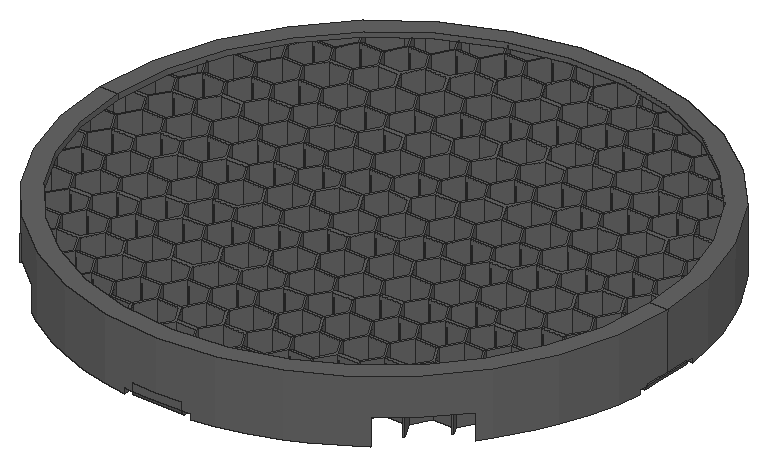
Revit family "STH20931", category Modelos genéricos, Revit 2023
Family settings
  Pode hospedar o vergalhão = Não
  Cota do conector redondo = Utilizar diâmetro
  Tipo de parte = Normal
  Com base no plano de trabalho = Não
  Sempre na vertical = Sim
  Corte com vazios quando carregada = Não
  Manter orientação da anotação = Não
  Compartilhado = Não
  Ponto de cálculo do ambiente = Não
Parameters (values of type "STH20931")
  URL = "https://stella.com.br/"
  Referência = "STH20931"
  Modelo = "Kit Grade"
  Fabricante = "Stella"
  Estrutura = Al - Preto
  Elevação padrão = 0.00 m
  Diâmetro = 0.069 m
  Comentários de tipos = "Para Square AR70"
  Altura = 0.0075 m
Reference planes (m)
  plane 1 "Centro (Frente/Trás)": y = 0
  plane 2: z = 0
  plane 3 "Centro (Esquerda/Direita)": x = 0
  plane 4: x = 0.0345
  plane 5: x = -0.0345
  plane 6: y = 0.0345
  plane 7: y = -0.0345
  plane 8: z = 0.0075
Forms (m)
  Revolve 1, solid, material "Al - Preto" <- "Estrutura"
    sketch origin (0, 0, 0) x (1, 0, 0) y (0, 0, 1)
      loop
        line (-0.0345, 0) -> (-0.0323, 0) -> (-0.0323, 0.00755) -> (-0.0345, 0.00755) -> (-0.0345, 0)
      axis (0, 0.00755) -> (0, 0)
    angle from 0 to 360
  Revolve 2, void
    sketch origin (0, 0, 0) x (1, 0, 0) y (0, 0, 1)
      loop
        line (-0.0339, 0) -> (-0.032072, 0) -> (-0.032072, 0.00695) -> (-0.0339, 0.00695) -> (-0.0339, 0)
      axis (0, 0.00695) -> (0, 0)
    angle from 0 to 360
  Extrusion 3, void
    sketch origin (-0.120822, 0, 0) x (1, 0, 0) y (0, 1, 0)
      loop
        line (0.116822, 0.036677) -> (0.116822, -0.036677) -> (0.124822, -0.036677) -> (0.124822, 0.036677) -> (0.116822, 0.036677)
    from 0 to 0.0006
  Extrusion 4, void
    sketch origin (0, 0.120822, 0) x (0, -1, 0) y (1, 0, 0)
      loop
        line (0.116822, 0.036677) -> (0.116822, -0.036677) -> (0.124822, -0.036677) -> (0.124822, 0.036677) -> (0.116822, 0.036677)
    from 0 to 0.0006
  Extrusion 5, void
    sketch origin (0, 0, 0) x (1, 0, 0) y (0, 1, 0)
      loop
        arc (0.030861, 0.001814) -> (0.031074, 0.002638) -> (0.031844, 0.003) r 0.001
        line (0.031844, 0.003) -> (0.0353, 0.003) -> (0.0353, 0.0353) -> (0.003, 0.0353) -> (0.003, 0.031844)
        arc (0.003, 0.031844) -> (0.002638, 0.031074) -> (0.001814, 0.030861) r 0.001
        arc (0.001814, 0.030861) -> (0, 0.030914) -> (-0.001814, 0.030861) r 0.031183
        arc (-0.001814, 0.030861) -> (-0.002638, 0.031074) -> (-0.003, 0.031844) r 0.001
        line (-0.003, 0.031844) -> (-0.003, 0.0353) -> (-0.0353, 0.0353) -> (-0.0353, 0.003) -> (-0.031844, 0.003)
        arc (-0.031844, 0.003) -> (-0.031074, 0.002638) -> (-0.030861, 0.001814) r 0.001
        arc (-0.030861, 0.001814) -> (-0.030914, 0) -> (-0.030861, -0.001814) r 0.031183
        arc (-0.030861, -0.001814) -> (-0.031074, -0.002638) -> (-0.031844, -0.003) r 0.001
        line (-0.031844, -0.003) -> (-0.0353, -0.003) -> (-0.0353, -0.0353) -> (-0.003, -0.0353) -> (-0.003, -0.031844)
        arc (-0.003, -0.031844) -> (-0.002638, -0.031074) -> (-0.001814, -0.030861) r 0.001
        arc (-0.001814, -0.030861) -> (0, -0.030914) -> (0.001814, -0.030861) r 0.031183
        arc (0.001814, -0.030861) -> (0.002638, -0.031074) -> (0.003, -0.031844) r 0.001
        line (0.003, -0.031844) -> (0.003, -0.0353) -> (0.0353, -0.0353) -> (0.0353, -0.003) -> (0.031844, -0.003)
        arc (0.031844, -0.003) -> (0.031074, -0.002638) -> (0.030861, -0.001814) r 0.001
        arc (0.030861, -0.001814) -> (0.030914, 0) -> (0.030861, 0.001814) r 0.031183
    from -0.000357 to 0.003196
  Revolve 6, void
    sketch origin (0, 0, 0) x (1, 0, 0) y (0, 0, 1)
      loop
        line (-0.035051, 0.000802) -> (-0.030281, 0.000802) -> (-0.030281, 0.002495) -> (-0.035051, 0.002495) -> (-0.035051, 0.000802)
      axis (0, 0.002495) -> (0, 0.000802)
    angle from 0 to 360
  Revolve 7, solid, material "Al - Preto" <- "Estrutura"
    sketch origin (0, 0, 0) x (-1, 0, 0) y (0, 0, -1)
      loop
        line (-0.030484, 0) -> (-0.0339, 0)
        arc (-0.0339, 0) -> (-0.034324, -0.000176) -> (-0.0345, -0.0006) r 0.0006
        line (-0.0345, -0.0006) -> (-0.0345, -0.001602) -> (-0.0337, -0.001602) -> (-0.0337, -0.000802) -> (-0.030484, -0.000802) -> (-0.030484, 0)
      axis (0, -0.001602) -> (0, 0)
    angle from -6.45 to 6.446
  Extrusion 8, solid, material "Al - Preto" <- "Estrutura"
    sketch origin (0, 0, 0) x (1, 0, 0) y (0, 1, 0)
      loop
        line (-0.0345, 0.0345) -> (-0.0345, -0.0345) -> (0.0345, -0.0345) -> (0.0345, 0.0345) -> (-0.0345, 0.0345)
    from 0.0006 to 0.00695
  Revolve 9, void
    sketch origin (0, 0, 0) x (1, 0, 0) y (0, 0, 1)
      loop
        line (0.029859, 0.0006) -> (0.0339, 0.0006) -> (0.0339, 0.002123) -> (0.029859, 0.002123) -> (0.029859, 0.0006)
      axis (0, 0.002123) -> (0, 0.0006)
    angle from 0 to 360
  Revolve 10, solid, material "Al - Preto" <- "Estrutura"
    sketch origin (0, 0, 0) x (1, 0, 0) y (0, 0, 1)
      loop
        line (-0.030484, 0) -> (-0.030484, 0.000802) -> (-0.0337, 0.000802) -> (-0.0337, 0.001602) -> (-0.0345, 0.001602) -> (-0.0345, 0.0006)
        arc (-0.0345, 0.0006) -> (-0.034324, 0.000176) -> (-0.0339, 0) r 0.0006
        line (-0.0339, 0) -> (-0.030484, 0)
      axis (0, 0.001602) -> (0, 0)
    angle from -6.45 to 6.446
  Revolve 11, solid, material "Al - Preto" <- "Estrutura"
    sketch origin (0, 0, 0) x (0, -1, 0) y (0, 0, 1)
      loop
        line (-0.030484, 0) -> (-0.030484, 0.000802) -> (-0.0337, 0.000802) -> (-0.0337, 0.001602) -> (-0.0345, 0.001602) -> (-0.0345, 0.0006)
        arc (-0.0345, 0.0006) -> (-0.034324, 0.000176) -> (-0.0339, 0) r 0.0006
        line (-0.0339, 0) -> (-0.030484, 0)
      axis (0, 0.001602) -> (0, 0)
    angle from -6.45 to 6.446
  Revolve 12, solid, material "Al - Preto" <- "Estrutura"
    sketch origin (0, 0, 0) x (0, 1, 0) y (0, 0, -1)
      loop
        line (-0.030484, 0) -> (-0.0339, 0)
        arc (-0.0339, 0) -> (-0.034324, -0.000176) -> (-0.0345, -0.0006) r 0.0006
        line (-0.0345, -0.0006) -> (-0.0345, -0.001602) -> (-0.0337, -0.001602) -> (-0.0337, -0.000802) -> (-0.030484, -0.000802) -> (-0.030484, 0)
      axis (0, -0.001602) -> (0, 0)
    angle from -6.45 to 6.446
  Extrusion 13, void
    sketch origin (-0.080372, -0.084832, 0) x (0.707107, 0.707107, 0) y (-0.707107, 0.707107, 0)
      loop
        line (0.121822, 0.038881) -> (0.111822, 0.038881) -> (0.111822, -0.032619) -> (0.121822, -0.032619) -> (0.121822, 0.038881)
    from 0 to 0.00305
  Extrusion 14, void
    sketch origin (0.080372, -0.084832, 0) x (-0.707107, 0.707107, 0) y (-0.707107, -0.707107, 0)
      loop
        line (0.121822, -0.038881) -> (0.121822, 0.032619) -> (0.111822, 0.032619) -> (0.111822, -0.038881) -> (0.121822, -0.038881)
    from 0 to 0.00305
  Extrusion 15, void
    sketch origin (0, 0, 0) x (1, 0, 0) y (0, 1, 0)
      loop
        circle (0, 0) r 0.033708
      loop
        line (-0.0355, -0.0355) -> (0.0355, -0.0355) -> (0.0355, 0.0355) -> (-0.0355, 0.0355) -> (-0.0355, -0.0355)
    from 0.0006 to 0.00695
  Extrusion 16, void
    sketch origin (0, 0, 0) x (1, 0, 0) y (0, 1, 0)
      loop
        line (-0.001241, 0.00215) -> (-0.002483, 0) -> (-0.001241, -0.00215) -> (0.001241, -0.00215) -> (0.002483, 0) -> (0.001241, 0.00215) -> (-0.001241, 0.00215)
      loop
        line (-0.001386, 0.0023) -> (-0.002627, 0.00445) -> (-0.005346, 0.00445) -> (-0.006588, 0.0023) -> (-0.005346, 0.00015) -> (-0.002627, 0.00015) -> (-0.001386, 0.0023)
      loop
        line (-0.001241, 0.00675) -> (-0.002483, 0.0046) -> (-0.001241, 0.00245) -> (0.001241, 0.00245) -> (0.002483, 0.0046) -> (0.001241, 0.00675) -> (-0.001241, 0.00675)
      loop
        line (-0.009215, 0.00215) -> (-0.010456, 0) -> (-0.009215, -0.00215) -> (-0.006732, -0.00215) -> (-0.005491, 0) -> (-0.006732, 0.00215) -> (-0.009215, 0.00215)
      loop
        line (-0.009359, 0.0023) -> (-0.0106, 0.00445) -> (-0.013325, 0.00445) -> (-0.014567, 0.0023) -> (-0.013325, 0.00015) -> (-0.0106, 0.00015) -> (-0.009359, 0.0023)
      loop
        line (-0.009215, 0.00675) -> (-0.010456, 0.0046) -> (-0.009215, 0.00245) -> (-0.006732, 0.00245) -> (-0.005491, 0.0046) -> (-0.006732, 0.00675) -> (-0.009215, 0.00675)
      loop
        line (-0.009359, -0.0023) -> (-0.0106, -0.00015) -> (-0.013325, -0.00015) -> (-0.014567, -0.0023) -> (-0.013325, -0.00445) -> (-0.0106, -0.00445) -> (-0.009359, -0.0023)
      loop
        line (-0.009359, -0.0069) -> (-0.0106, -0.00475) -> (-0.013325, -0.00475) -> (-0.014567, -0.0069) -> (-0.013325, -0.00905) -> (-0.0106, -0.00905) -> (-0.009359, -0.0069)
      loop
        line (-0.009359, 0.0069) -> (-0.0106, 0.00905) -> (-0.013325, 0.00905) -> (-0.014567, 0.0069) -> (-0.013325, 0.00475) -> (-0.0106, 0.00475) -> (-0.009359, 0.0069)
      loop
        line (-0.009215, -0.00245) -> (-0.010456, -0.0046) -> (-0.009215, -0.00675) -> (-0.006732, -0.00675) -> (-0.005491, -0.0046) -> (-0.006732, -0.00245) -> (-0.009215, -0.00245)
      loop
        line (-0.009215, -0.00705) -> (-0.010456, -0.0092) -> (-0.009215, -0.01135) -> (-0.006732, -0.01135) -> (-0.005491, -0.0092) -> (-0.006732, -0.00705) -> (-0.009215, -0.00705)
      loop
        line (-0.006588, -0.0023) -> (-0.005346, -0.00445) -> (-0.002621, -0.00445) -> (-0.00138, -0.0023) -> (-0.002621, -0.00015) -> (-0.005346, -0.00015) -> (-0.006588, -0.0023)
      loop
        line (-0.006588, -0.0069) -> (-0.005346, -0.00905) -> (-0.002621, -0.00905) -> (-0.00138, -0.0069) -> (-0.002621, -0.00475) -> (-0.005346, -0.00475) -> (-0.006588, -0.0069)
      loop
        line (-0.00659, 0.006895) -> (-0.005352, 0.00475) -> (-0.002621, 0.00475) -> (-0.00138, 0.0069) -> (-0.002621, 0.00905) -> (-0.005346, 0.00905) -> (-0.00659, 0.006895)
      loop
        line (-0.006588, 0.0115) -> (-0.005346, 0.00935) -> (-0.002621, 0.00935) -> (-0.00138, 0.0115) -> (-0.002621, 0.01365) -> (-0.005346, 0.01365) -> (-0.006588, 0.0115)
      loop
        line (-0.009215, 0.00705) -> (-0.006732, 0.00705) -> (-0.005491, 0.0092) -> (-0.006732, 0.01135) -> (-0.009215, 0.01135) -> (-0.010456, 0.0092) -> (-0.009215, 0.00705)
      loop
        line (0.001386, 0.0023) -> (0.002627, 0.00015) -> (0.005346, 0.00015) -> (0.006588, 0.0023) -> (0.005346, 0.00445) -> (0.002627, 0.00445) -> (0.001386, 0.0023)
      loop
        line (0.009215, 0.00215) -> (0.006732, 0.00215) -> (0.005491, 0) -> (0.006732, -0.00215) -> (0.009215, -0.00215) -> (0.010456, 0) -> (0.009215, 0.00215)
      loop
        line (0.009359, 0.0023) -> (0.0106, 0.00015) -> (0.013325, 0.00015) -> (0.014567, 0.0023) -> (0.013325, 0.00445) -> (0.0106, 0.00445) -> (0.009359, 0.0023)
      loop
        line (0.009215, 0.00675) -> (0.006732, 0.00675) -> (0.005491, 0.0046) -> (0.006732, 0.00245) -> (0.009215, 0.00245) -> (0.010456, 0.0046) -> (0.009215, 0.00675)
      loop
        line (0.009359, -0.0023) -> (0.0106, -0.00445) -> (0.013325, -0.00445) -> (0.014567, -0.0023) -> (0.013325, -0.00015) -> (0.0106, -0.00015) -> (0.009359, -0.0023)
      loop
        line (0.009359, -0.0069) -> (0.0106, -0.00905) -> (0.013325, -0.00905) -> (0.014567, -0.0069) -> (0.013325, -0.00475) -> (0.0106, -0.00475) -> (0.009359, -0.0069)
      loop
        line (0.009359, 0.0069) -> (0.0106, 0.00475) -> (0.013325, 0.00475) -> (0.014567, 0.0069) -> (0.013325, 0.00905) -> (0.0106, 0.00905) -> (0.009359, 0.0069)
      loop
        line (0.009215, -0.00245) -> (0.006732, -0.00245) -> (0.005491, -0.0046) -> (0.006732, -0.00675) -> (0.009215, -0.00675) -> (0.010456, -0.0046) -> (0.009215, -0.00245)
      loop
        line (0.009215, -0.00705) -> (0.006732, -0.00705) -> (0.005491, -0.0092) -> (0.006732, -0.01135) -> (0.009215, -0.01135) -> (0.010456, -0.0092) -> (0.009215, -0.00705)
      loop
        line (0.006588, -0.0023) -> (0.005346, -0.00015) -> (0.002621, -0.00015) -> (0.00138, -0.0023) -> (0.002621, -0.00445) -> (0.005346, -0.00445) -> (0.006588, -0.0023)
      loop
        line (0.006588, -0.0069) -> (0.005346, -0.00475) -> (0.002621, -0.00475) -> (0.00138, -0.0069) -> (0.002621, -0.00905) -> (0.005346, -0.00905) -> (0.006588, -0.0069)
      loop
        line (0.006588, 0.0069) -> (0.005346, 0.00905) -> (0.002621, 0.00905) -> (0.00138, 0.0069) -> (0.002621, 0.00475) -> (0.005346, 0.00475) -> (0.006588, 0.0069)
      loop
        line (0.006588, 0.0115) -> (0.005346, 0.01365) -> (0.002621, 0.01365) -> (0.00138, 0.0115) -> (0.002621, 0.00935) -> (0.005346, 0.00935) -> (0.006588, 0.0115)
      loop
        line (0.009215, 0.00705) -> (0.010456, 0.0092) -> (0.009215, 0.01135) -> (0.006732, 0.01135) -> (0.005491, 0.0092) -> (0.006732, 0.00705) -> (0.009215, 0.00705)
      loop
        line (0.001247, -0.00245) -> (-0.001236, -0.00245) -> (-0.002477, -0.0046) -> (-0.001236, -0.00675) -> (0.001247, -0.00675) -> (0.002488, -0.0046) -> (0.001247, -0.00245)
      loop
        line (0.001247, -0.00705) -> (-0.001236, -0.00705) -> (-0.002477, -0.0092) -> (-0.001236, -0.01135) -> (0.001247, -0.01135) -> (0.002488, -0.0092) -> (0.001247, -0.00705)
      loop
        line (0.001247, 0.00705) -> (0.002488, 0.0092) -> (0.001247, 0.01135) -> (-0.001236, 0.01135) -> (-0.002477, 0.0092) -> (-0.001236, 0.00705) -> (0.001247, 0.00705)
      loop
        line (0.014711, 0.00705) -> (0.017193, 0.00705) -> (0.018435, 0.0092) -> (0.017193, 0.01135) -> (0.014711, 0.01135) -> (0.01347, 0.0092) -> (0.014711, 0.00705)
      loop
        line (0.014711, 0.00675) -> (0.01347, 0.0046) -> (0.014711, 0.00245) -> (0.017193, 0.00245) -> (0.018435, 0.0046) -> (0.017193, 0.00675) -> (0.014711, 0.00675)
      loop
        line (0.009359, 0.0115) -> (0.0106, 0.00935) -> (0.013325, 0.00935) -> (0.014567, 0.0115) -> (0.013325, 0.01365) -> (0.0106, 0.01365) -> (0.009359, 0.0115)
      loop
        line (-0.014711, 0.00705) -> (-0.01347, 0.0092) -> (-0.014711, 0.01135) -> (-0.017193, 0.01135) -> (-0.018435, 0.0092) -> (-0.017193, 0.00705) -> (-0.014711, 0.00705)
      loop
        line (-0.014711, 0.00675) -> (-0.017193, 0.00675) -> (-0.018435, 0.0046) -> (-0.017193, 0.00245) -> (-0.014711, 0.00245) -> (-0.01347, 0.0046) -> (-0.014711, 0.00675)
      loop
        line (-0.009359, 0.0115) -> (-0.0106, 0.01365) -> (-0.013325, 0.01365) -> (-0.014567, 0.0115) -> (-0.013325, 0.00935) -> (-0.0106, 0.00935) -> (-0.009359, 0.0115)
      loop
        line (0.014711, -0.00675) -> (0.017193, -0.00675) -> (0.018435, -0.0046) -> (0.017193, -0.00245) -> (0.014711, -0.00245) -> (0.01347, -0.0046) -> (0.014711, -0.00675)
      loop
        line (-0.014711, -0.00675) -> (-0.01347, -0.0046) -> (-0.014711, -0.00245) -> (-0.017193, -0.00245) -> (-0.018435, -0.0046) -> (-0.017193, -0.00675) -> (-0.014711, -0.00675)
      loop
        line (-0.014711, -0.00705) -> (-0.017193, -0.00705) -> (-0.018435, -0.0092) -> (-0.017193, -0.01135) -> (-0.014711, -0.01135) -> (-0.01347, -0.0092) -> (-0.014711, -0.00705)
      loop
        line (0.009359, -0.0115) -> (0.0106, -0.01365) -> (0.013325, -0.01365) -> (0.014567, -0.0115) -> (0.013325, -0.00935) -> (0.0106, -0.00935) -> (0.009359, -0.0115)
      loop
        line (-0.009359, -0.0115) -> (-0.0106, -0.00935) -> (-0.013325, -0.00935) -> (-0.014567, -0.0115) -> (-0.013325, -0.01365) -> (-0.0106, -0.01365) -> (-0.009359, -0.0115)
      loop
        line (0.009215, -0.01595) -> (0.010456, -0.0138) -> (0.009215, -0.01165) -> (0.006732, -0.01165) -> (0.005491, -0.0138) -> (0.006732, -0.01595) -> (0.009215, -0.01595)
      loop
        line (0.009215, -0.02055) -> (0.010456, -0.0184) -> (0.009215, -0.01625) -> (0.006732, -0.01625) -> (0.005491, -0.0184) -> (0.006732, -0.02055) -> (0.009215, -0.02055)
      loop
        line (0.009215, -0.02515) -> (0.010456, -0.023) -> (0.009215, -0.02085) -> (0.006732, -0.02085) -> (0.005491, -0.023) -> (0.006732, -0.02515) -> (0.009215, -0.02515)
      loop
        line (0.006588, -0.0115) -> (0.005346, -0.00935) -> (0.002621, -0.00935) -> (0.00138, -0.0115) -> (0.002621, -0.01365) -> (0.005346, -0.01365) -> (0.006588, -0.0115)
      loop
        line (0.006588, -0.0161) -> (0.005346, -0.01395) -> (0.002621, -0.01395) -> (0.00138, -0.0161) -> (0.002621, -0.01825) -> (0.005346, -0.01825) -> (0.006588, -0.0161)
      loop
        line (0.001247, -0.01165) -> (-0.001236, -0.01165) -> (-0.002477, -0.0138) -> (-0.001236, -0.01595) -> (0.001247, -0.01595) -> (0.002488, -0.0138) -> (0.001247, -0.01165)
      loop
        line (0.001247, -0.01625) -> (-0.001236, -0.01625) -> (-0.002477, -0.0184) -> (-0.001236, -0.02055) -> (0.001247, -0.02055) -> (0.002488, -0.0184) -> (0.001247, -0.01625)
      loop
        line (0.001247, -0.02085) -> (-0.001236, -0.02085) -> (-0.002477, -0.023) -> (-0.001236, -0.02515) -> (0.001247, -0.02515) -> (0.002488, -0.023) -> (0.001247, -0.02085)
      loop
        line (0.001247, -0.02545) -> (-0.001236, -0.02545) -> (-0.002477, -0.0276) -> (-0.001236, -0.02975) -> (0.001247, -0.02975) -> (0.002488, -0.0276) -> (0.001247, -0.02545)
      loop
        line (0.006588, -0.0207) -> (0.005346, -0.01855) -> (0.002621, -0.01855) -> (0.00138, -0.0207) -> (0.002621, -0.02285) -> (0.005346, -0.02285) -> (0.006588, -0.0207)
      loop
        line (0.006588, -0.0253) -> (0.005346, -0.02315) -> (0.002621, -0.02315) -> (0.00138, -0.0253) -> (0.002621, -0.02745) -> (0.005346, -0.02745) -> (0.006588, -0.0253)
      loop
        line (0.006588, -0.0299) -> (0.005346, -0.02775) -> (0.002621, -0.02775) -> (0.00138, -0.0299) -> (0.002621, -0.03205) -> (0.005346, -0.03205) -> (0.006588, -0.0299)
      loop
        line (0.009215, -0.02975) -> (0.010456, -0.0276) -> (0.009215, -0.02545) -> (0.006732, -0.02545) -> (0.005491, -0.0276) -> (0.006732, -0.02975) -> (0.009215, -0.02975)
      loop
        line (-0.006588, -0.0115) -> (-0.005346, -0.01365) -> (-0.002621, -0.01365) -> (-0.00138, -0.0115) -> (-0.002621, -0.00935) -> (-0.005346, -0.00935) -> (-0.006588, -0.0115)
      loop
        line (-0.006588, -0.0161) -> (-0.005346, -0.01825) -> (-0.002621, -0.01825) -> (-0.00138, -0.0161) -> (-0.002621, -0.01395) -> (-0.005346, -0.01395) -> (-0.006588, -0.0161)
      loop
        line (-0.006588, -0.0207) -> (-0.005346, -0.02285) -> (-0.002621, -0.02285) -> (-0.00138, -0.0207) -> (-0.002621, -0.01855) -> (-0.005346, -0.01855) -> (-0.006588, -0.0207)
      loop
        line (-0.006588, -0.0253) -> (-0.005346, -0.02745) -> (-0.002621, -0.02745) -> (-0.00138, -0.0253) -> (-0.002621, -0.02315) -> (-0.005346, -0.02315) -> (-0.006588, -0.0253)
      loop
        line (-0.006588, -0.0299) -> (-0.005346, -0.03205) -> (-0.002621, -0.03205) -> (-0.00138, -0.0299) -> (-0.002621, -0.02775) -> (-0.005346, -0.02775) -> (-0.006588, -0.0299)
      loop
        line (-0.009215, -0.01165) -> (-0.010456, -0.0138) -> (-0.009215, -0.01595) -> (-0.006732, -0.01595) -> (-0.005491, -0.0138) -> (-0.006732, -0.01165) -> (-0.009215, -0.01165)
      loop
        line (-0.009215, -0.01625) -> (-0.010456, -0.0184) -> (-0.009215, -0.02055) -> (-0.006732, -0.02055) -> (-0.005491, -0.0184) -> (-0.006732, -0.01625) -> (-0.009215, -0.01625)
      loop
        line (-0.009215, -0.02085) -> (-0.010456, -0.023) -> (-0.009215, -0.02515) -> (-0.006732, -0.02515) -> (-0.005491, -0.023) -> (-0.006732, -0.02085) -> (-0.009215, -0.02085)
      loop
        line (-0.009215, -0.02545) -> (-0.010456, -0.0276) -> (-0.009215, -0.02975) -> (-0.006732, -0.02975) -> (-0.005491, -0.0276) -> (-0.006732, -0.02545) -> (-0.009215, -0.02545)
      loop
        line (0.009359, -0.0161) -> (0.0106, -0.01825) -> (0.013325, -0.01825) -> (0.014567, -0.0161) -> (0.013325, -0.01395) -> (0.0106, -0.01395) -> (0.009359, -0.0161)
      loop
        line (0.009359, -0.0207) -> (0.0106, -0.02285) -> (0.013325, -0.02285) -> (0.014567, -0.0207) -> (0.013325, -0.01855) -> (0.0106, -0.01855) -> (0.009359, -0.0207)
      loop
        line (0.009359, -0.0253) -> (0.0106, -0.02745) -> (0.013325, -0.02745) -> (0.014567, -0.0253) -> (0.013325, -0.02315) -> (0.0106, -0.02315) -> (0.009359, -0.0253)
      loop
        line (0.014711, 0.00215) -> (0.01347, 0) -> (0.014711, -0.00215) -> (0.017193, -0.00215) -> (0.018435, 0) -> (0.017193, 0.00215) -> (0.014711, 0.00215)
      loop
        line (0.014711, -0.01135) -> (0.017193, -0.01135) -> (0.018435, -0.0092) -> (0.017193, -0.00705) -> (0.014711, -0.00705) -> (0.01347, -0.0092) -> (0.014711, -0.01135)
      loop
        line (0.014711, -0.01595) -> (0.017193, -0.01595) -> (0.018435, -0.0138) -> (0.017193, -0.01165) -> (0.014711, -0.01165) -> (0.01347, -0.0138) -> (0.014711, -0.01595)
      loop
        line (0.014711, -0.02055) -> (0.017193, -0.02055) -> (0.018435, -0.0184) -> (0.017193, -0.01625) -> (0.014711, -0.01625) -> (0.01347, -0.0184) -> (0.014711, -0.02055)
      loop
        line (0.014711, -0.02515) -> (0.017193, -0.02515) -> (0.018435, -0.023) -> (0.017193, -0.02085) -> (0.014711, -0.02085) -> (0.01347, -0.023) -> (0.014711, -0.02515)
      loop
        line (0.022546, -0.0023) -> (0.021304, -0.00015) -> (0.018579, -0.00015) -> (0.017338, -0.0023) -> (0.018579, -0.00445) -> (0.021304, -0.00445) -> (0.022546, -0.0023)
      loop
        line (0.022546, -0.0069) -> (0.021304, -0.00475) -> (0.018579, -0.00475) -> (0.017338, -0.0069) -> (0.018579, -0.00905) -> (0.021304, -0.00905) -> (0.022546, -0.0069)
      loop
        line (0.022546, -0.0115) -> (0.021304, -0.00935) -> (0.018579, -0.00935) -> (0.017338, -0.0115) -> (0.018579, -0.01365) -> (0.021304, -0.01365) -> (0.022546, -0.0115)
      loop
        line (0.022546, -0.0161) -> (0.021304, -0.01395) -> (0.018579, -0.01395) -> (0.017338, -0.0161) -> (0.018579, -0.01825) -> (0.021304, -0.01825) -> (0.022546, -0.0161)
      loop
        line (0.022546, -0.0207) -> (0.021304, -0.01855) -> (0.018579, -0.01855) -> (0.017338, -0.0207) -> (0.018579, -0.02285) -> (0.021304, -0.02285) -> (0.022546, -0.0207)
      loop
        line (0.025172, -0.00675) -> (0.026414, -0.0046) -> (0.025172, -0.00245) -> (0.02269, -0.00245) -> (0.021449, -0.0046) -> (0.02269, -0.00675) -> (0.025172, -0.00675)
      loop
        line (0.025172, 0.00215) -> (0.02269, 0.00215) -> (0.021449, 0) -> (0.02269, -0.00215) -> (0.025172, -0.00215) -> (0.026414, 0) -> (0.025172, 0.00215)
      loop
        line (0.025172, -0.01135) -> (0.026414, -0.0092) -> (0.025172, -0.00705) -> (0.02269, -0.00705) -> (0.021449, -0.0092) -> (0.02269, -0.01135) -> (0.025172, -0.01135)
      loop
        line (0.025172, -0.01595) -> (0.026414, -0.0138) -> (0.025172, -0.01165) -> (0.02269, -0.01165) -> (0.021449, -0.0138) -> (0.02269, -0.01595) -> (0.025172, -0.01595)
      loop
        line (0.025172, -0.02055) -> (0.026414, -0.0184) -> (0.025172, -0.01625) -> (0.02269, -0.01625) -> (0.021449, -0.0184) -> (0.02269, -0.02055) -> (0.025172, -0.02055)
      loop
        line (0.025172, 0.00675) -> (0.02269, 0.00675) -> (0.021449, 0.0046) -> (0.02269, 0.00245) -> (0.025172, 0.00245) -> (0.026414, 0.0046) -> (0.025172, 0.00675)
      loop
        line (0.025172, 0.01135) -> (0.02269, 0.01135) -> (0.021449, 0.0092) -> (0.02269, 0.00705) -> (0.025172, 0.00705) -> (0.026414, 0.0092) -> (0.025172, 0.01135)
      loop
        line (0.025172, 0.01595) -> (0.02269, 0.01595) -> (0.021449, 0.0138) -> (0.02269, 0.01165) -> (0.025172, 0.01165) -> (0.026414, 0.0138) -> (0.025172, 0.01595)
      loop
        line (0.025172, 0.02055) -> (0.02269, 0.02055) -> (0.021449, 0.0184) -> (0.02269, 0.01625) -> (0.025172, 0.01625) -> (0.026414, 0.0184) -> (0.025172, 0.02055)
      loop
        line (0.025317, -0.0023) -> (0.026558, -0.00445) -> (0.029283, -0.00445) -> (0.030525, -0.0023) -> (0.029283, -0.00015) -> (0.026558, -0.00015) -> (0.025317, -0.0023)
      loop
        line (0.025317, -0.0069) -> (0.026558, -0.00905) -> (0.029283, -0.00905) -> (0.030525, -0.0069) -> (0.029283, -0.00475) -> (0.026558, -0.00475) -> (0.025317, -0.0069)
      loop
        line (0.025317, -0.0115) -> (0.026558, -0.01365) -> (0.029283, -0.01365) -> (0.030525, -0.0115) -> (0.029283, -0.00935) -> (0.026558, -0.00935) -> (0.025317, -0.0115)
      loop
        line (0.025317, 0.0023) -> (0.026558, 0.00015) -> (0.029283, 0.00015) -> (0.030525, 0.0023) -> (0.029283, 0.00445) -> (0.026558, 0.00445) -> (0.025317, 0.0023)
      loop
        line (0.025317, 0.0069) -> (0.026558, 0.00475) -> (0.029283, 0.00475) -> (0.030525, 0.0069) -> (0.029283, 0.00905) -> (0.026558, 0.00905) -> (0.025317, 0.0069)
      loop
        line (0.025317, 0.0115) -> (0.026558, 0.00935) -> (0.029283, 0.00935) -> (0.030525, 0.0115) -> (0.029283, 0.01365) -> (0.026558, 0.01365) -> (0.025317, 0.0115)
      loop
        line (0.022546, 0.0023) -> (0.021304, 0.00445) -> (0.018579, 0.00445) -> (0.017338, 0.0023) -> (0.018579, 0.00015) -> (0.021304, 0.00015) -> (0.022546, 0.0023)
      loop
        line (0.022546, 0.0069) -> (0.021304, 0.00905) -> (0.018579, 0.00905) -> (0.017338, 0.0069) -> (0.018579, 0.00475) -> (0.021304, 0.00475) -> (0.022546, 0.0069)
      loop
        line (0.022546, 0.0115) -> (0.021304, 0.01365) -> (0.018579, 0.01365) -> (0.017338, 0.0115) -> (0.018579, 0.00935) -> (0.021304, 0.00935) -> (0.022546, 0.0115)
      loop
        line (0.022546, 0.0161) -> (0.021304, 0.01825) -> (0.018579, 0.01825) -> (0.017338, 0.0161) -> (0.018579, 0.01395) -> (0.021304, 0.01395) -> (0.022546, 0.0161)
      loop
        line (0.022546, 0.0207) -> (0.021304, 0.02285) -> (0.018579, 0.02285) -> (0.017338, 0.0207) -> (0.018579, 0.01855) -> (0.021304, 0.01855) -> (0.022546, 0.0207)
      loop
        line (0.014711, 0.01595) -> (0.01347, 0.0138) -> (0.014711, 0.01165) -> (0.017193, 0.01165) -> (0.018435, 0.0138) -> (0.017193, 0.01595) -> (0.014711, 0.01595)
      loop
        line (0.014711, 0.02055) -> (0.01347, 0.0184) -> (0.014711, 0.01625) -> (0.017193, 0.01625) -> (0.018435, 0.0184) -> (0.017193, 0.02055) -> (0.014711, 0.02055)
      loop
        line (0.014711, 0.02515) -> (0.01347, 0.023) -> (0.014711, 0.02085) -> (0.017193, 0.02085) -> (0.018435, 0.023) -> (0.017193, 0.02515) -> (0.014711, 0.02515)
      loop
        line (0.009359, 0.0161) -> (0.0106, 0.01395) -> (0.013325, 0.01395) -> (0.014567, 0.0161) -> (0.013325, 0.01825) -> (0.0106, 0.01825) -> (0.009359, 0.0161)
      loop
        line (0.009359, 0.0207) -> (0.0106, 0.01855) -> (0.013325, 0.01855) -> (0.014567, 0.0207) -> (0.013325, 0.02285) -> (0.0106, 0.02285) -> (0.009359, 0.0207)
      loop
        line (0.009359, 0.0253) -> (0.0106, 0.02315) -> (0.013325, 0.02315) -> (0.014567, 0.0253) -> (0.013325, 0.02745) -> (0.0106, 0.02745) -> (0.009359, 0.0253)
      loop
        line (-0.009347, -0.0161) -> (-0.010589, -0.01395) -> (-0.013314, -0.01395) -> (-0.014555, -0.0161) -> (-0.013314, -0.01825) -> (-0.010589, -0.01825) -> (-0.009347, -0.0161)
      loop
        line (-0.009347, -0.0207) -> (-0.010589, -0.01855) -> (-0.013314, -0.01855) -> (-0.014555, -0.0207) -> (-0.013314, -0.02285) -> (-0.010589, -0.02285) -> (-0.009347, -0.0207)
      loop
        line (-0.009347, -0.0253) -> (-0.010589, -0.02315) -> (-0.013314, -0.02315) -> (-0.014555, -0.0253) -> (-0.013314, -0.02745) -> (-0.010589, -0.02745) -> (-0.009347, -0.0253)
      loop
        line (-0.014699, -0.02055) -> (-0.013458, -0.0184) -> (-0.014699, -0.01625) -> (-0.017182, -0.01625) -> (-0.018423, -0.0184) -> (-0.017182, -0.02055) -> (-0.014699, -0.02055)
      loop
        line (-0.014699, -0.02515) -> (-0.013458, -0.023) -> (-0.014699, -0.02085) -> (-0.017182, -0.02085) -> (-0.018423, -0.023) -> (-0.017182, -0.02515) -> (-0.014699, -0.02515)
      loop
        line (-0.022534, -0.0161) -> (-0.021293, -0.01825) -> (-0.018568, -0.01825) -> (-0.017326, -0.0161) -> (-0.018568, -0.01395) -> (-0.021293, -0.01395) -> (-0.022534, -0.0161)
      loop
        line (-0.022534, -0.0207) -> (-0.021293, -0.02285) -> (-0.018568, -0.02285) -> (-0.017326, -0.0207) -> (-0.018568, -0.01855) -> (-0.021293, -0.01855) -> (-0.022534, -0.0207)
      loop
        line (-0.025161, -0.02055) -> (-0.022678, -0.02055) -> (-0.021437, -0.0184) -> (-0.022678, -0.01625) -> (-0.025161, -0.01625) -> (-0.026402, -0.0184) -> (-0.025161, -0.02055)
      loop
        line (0.009215, 0.01595) -> (0.006732, 0.01595) -> (0.005491, 0.0138) -> (0.006732, 0.01165) -> (0.009215, 0.01165) -> (0.010456, 0.0138) -> (0.009215, 0.01595)
      loop
        line (0.009215, 0.02055) -> (0.006732, 0.02055) -> (0.005491, 0.0184) -> (0.006732, 0.01625) -> (0.009215, 0.01625) -> (0.010456, 0.0184) -> (0.009215, 0.02055)
      loop
        line (0.009215, 0.02515) -> (0.006732, 0.02515) -> (0.005491, 0.023) -> (0.006732, 0.02085) -> (0.009215, 0.02085) -> (0.010456, 0.023) -> (0.009215, 0.02515)
      loop
        line (0.009215, 0.02975) -> (0.006732, 0.02975) -> (0.005491, 0.0276) -> (0.006732, 0.02545) -> (0.009215, 0.02545) -> (0.010456, 0.0276) -> (0.009215, 0.02975)
      loop
        line (0.006588, 0.0161) -> (0.005346, 0.01825) -> (0.002621, 0.01825) -> (0.00138, 0.0161) -> (0.002621, 0.01395) -> (0.005346, 0.01395) -> (0.006588, 0.0161)
      loop
        line (0.006588, 0.0207) -> (0.005346, 0.02285) -> (0.002621, 0.02285) -> (0.00138, 0.0207) -> (0.002621, 0.01855) -> (0.005346, 0.01855) -> (0.006588, 0.0207)
      loop
        line (0.006588, 0.0253) -> (0.005346, 0.02745) -> (0.002621, 0.02745) -> (0.00138, 0.0253) -> (0.002621, 0.02315) -> (0.005346, 0.02315) -> (0.006588, 0.0253)
      loop
        line (0.006588, 0.0299) -> (0.005346, 0.03205) -> (0.002621, 0.03205) -> (0.00138, 0.0299) -> (0.002621, 0.02775) -> (0.005346, 0.02775) -> (0.006588, 0.0299)
      loop
        line (-0.025161, 0.02055) -> (-0.026402, 0.0184) -> (-0.025161, 0.01625) -> (-0.022678, 0.01625) -> (-0.021437, 0.0184) -> (-0.022678, 0.02055) -> (-0.025161, 0.02055)
      loop
        line (-0.022534, 0.0161) -> (-0.021293, 0.01395) -> (-0.018568, 0.01395) -> (-0.017326, 0.0161) -> (-0.018568, 0.01825) -> (-0.021293, 0.01825) -> (-0.022534, 0.0161)
      loop
        line (-0.022534, 0.0207) -> (-0.021293, 0.01855) -> (-0.018568, 0.01855) -> (-0.017326, 0.0207) -> (-0.018568, 0.02285) -> (-0.021293, 0.02285) -> (-0.022534, 0.0207)
      loop
        line (-0.014699, 0.02055) -> (-0.017182, 0.02055) -> (-0.018423, 0.0184) -> (-0.017182, 0.01625) -> (-0.014699, 0.01625) -> (-0.013458, 0.0184) -> (-0.014699, 0.02055)
      loop
        line (-0.014699, 0.02515) -> (-0.017182, 0.02515) -> (-0.018423, 0.023) -> (-0.017182, 0.02085) -> (-0.014699, 0.02085) -> (-0.013458, 0.023) -> (-0.014699, 0.02515)
      loop
        line (-0.009347, 0.0161) -> (-0.010589, 0.01825) -> (-0.013314, 0.01825) -> (-0.014555, 0.0161) -> (-0.013314, 0.01395) -> (-0.010589, 0.01395) -> (-0.009347, 0.0161)
      loop
        line (-0.009347, 0.0207) -> (-0.010589, 0.02285) -> (-0.013314, 0.02285) -> (-0.014555, 0.0207) -> (-0.013314, 0.01855) -> (-0.010589, 0.01855) -> (-0.009347, 0.0207)
      loop
        line (-0.009347, 0.0253) -> (-0.010589, 0.02745) -> (-0.013314, 0.02745) -> (-0.014555, 0.0253) -> (-0.013314, 0.02315) -> (-0.010589, 0.02315) -> (-0.009347, 0.0253)
      loop
        line (-0.009203, 0.02055) -> (-0.010444, 0.0184) -> (-0.009203, 0.01625) -> (-0.00672, 0.01625) -> (-0.005479, 0.0184) -> (-0.00672, 0.02055) -> (-0.009203, 0.02055)
      loop
        line (-0.009203, 0.02515) -> (-0.010444, 0.023) -> (-0.009203, 0.02085) -> (-0.00672, 0.02085) -> (-0.005479, 0.023) -> (-0.00672, 0.02515) -> (-0.009203, 0.02515)
      loop
        line (-0.009203, 0.02975) -> (-0.010444, 0.0276) -> (-0.009203, 0.02545) -> (-0.00672, 0.02545) -> (-0.005479, 0.0276) -> (-0.00672, 0.02975) -> (-0.009203, 0.02975)
      loop
        line (-0.006576, 0.0161) -> (-0.005335, 0.01395) -> (-0.00261, 0.01395) -> (-0.001368, 0.0161) -> (-0.00261, 0.01825) -> (-0.005335, 0.01825) -> (-0.006576, 0.0161)
      loop
        line (-0.006576, 0.0207) -> (-0.005335, 0.01855) -> (-0.00261, 0.01855) -> (-0.001368, 0.0207) -> (-0.00261, 0.02285) -> (-0.005335, 0.02285) -> (-0.006576, 0.0207)
      loop
        line (-0.006576, 0.0253) -> (-0.005335, 0.02315) -> (-0.00261, 0.02315) -> (-0.001368, 0.0253) -> (-0.00261, 0.02745) -> (-0.005335, 0.02745) -> (-0.006576, 0.0253)
      loop
        line (-0.006576, 0.0299) -> (-0.005335, 0.02775) -> (-0.00261, 0.02775) -> (-0.001368, 0.0299) -> (-0.00261, 0.03205) -> (-0.005335, 0.03205) -> (-0.006576, 0.0299)
      loop
        line (-0.001247, 0.01595) -> (-0.002488, 0.0138) -> (-0.001247, 0.01165) -> (0.001236, 0.01165) -> (0.002477, 0.0138) -> (0.001236, 0.01595) -> (-0.001247, 0.01595)
      loop
        line (-0.001247, 0.02055) -> (-0.002488, 0.0184) -> (-0.001247, 0.01625) -> (0.001236, 0.01625) -> (0.002477, 0.0184) -> (0.001236, 0.02055) -> (-0.001247, 0.02055)
      loop
        line (-0.001247, 0.02515) -> (-0.002488, 0.023) -> (-0.001247, 0.02085) -> (0.001236, 0.02085) -> (0.002477, 0.023) -> (0.001236, 0.02515) -> (-0.001247, 0.02515)
      loop
        line (-0.001247, 0.02975) -> (-0.002488, 0.0276) -> (-0.001247, 0.02545) -> (0.001236, 0.02545) -> (0.002477, 0.0276) -> (0.001236, 0.02975) -> (-0.001247, 0.02975)
      loop
        line (-0.006697, 0.01595) -> (-0.00918, 0.01595) -> (-0.010421, 0.0138) -> (-0.00918, 0.01165) -> (-0.006697, 0.01165) -> (-0.005456, 0.0138) -> (-0.006697, 0.01595)
      loop
        line (-0.017205, 0.01595) -> (-0.018446, 0.0138) -> (-0.017205, 0.01165) -> (-0.014722, 0.01165) -> (-0.013481, 0.0138) -> (-0.014722, 0.01595) -> (-0.017205, 0.01595)
      loop
        line (-0.014699, 0.00215) -> (-0.017182, 0.00215) -> (-0.018423, 0) -> (-0.017182, -0.00215) -> (-0.014699, -0.00215) -> (-0.013458, 0) -> (-0.014699, 0.00215)
      loop
        line (-0.014711, -0.01165) -> (-0.017193, -0.01165) -> (-0.018435, -0.0138) -> (-0.017193, -0.01595) -> (-0.014711, -0.01595) -> (-0.01347, -0.0138) -> (-0.014711, -0.01165)
      loop
        line (-0.025149, -0.01165) -> (-0.026391, -0.0138) -> (-0.025149, -0.01595) -> (-0.022667, -0.01595) -> (-0.021425, -0.0138) -> (-0.022667, -0.01165) -> (-0.025149, -0.01165)
      loop
        line (-0.022546, 0.0023) -> (-0.021304, 0.00015) -> (-0.018579, 0.00015) -> (-0.017338, 0.0023) -> (-0.018579, 0.00445) -> (-0.021304, 0.00445) -> (-0.022546, 0.0023)
      loop
        line (-0.022546, -0.0023) -> (-0.021304, -0.00445) -> (-0.018579, -0.00445) -> (-0.017338, -0.0023) -> (-0.018579, -0.00015) -> (-0.021304, -0.00015) -> (-0.022546, -0.0023)
      loop
        line (-0.022546, -0.0069) -> (-0.021304, -0.00905) -> (-0.018579, -0.00905) -> (-0.017338, -0.0069) -> (-0.018579, -0.00475) -> (-0.021304, -0.00475) -> (-0.022546, -0.0069)
      loop
        line (-0.022546, 0.0069) -> (-0.021304, 0.00475) -> (-0.018579, 0.00475) -> (-0.017338, 0.0069) -> (-0.018579, 0.00905) -> (-0.021304, 0.00905) -> (-0.022546, 0.0069)
      loop
        line (-0.022546, 0.0115) -> (-0.021304, 0.00935) -> (-0.018579, 0.00935) -> (-0.017338, 0.0115) -> (-0.018579, 0.01365) -> (-0.021304, 0.01365) -> (-0.022546, 0.0115)
      loop
        line (-0.022546, -0.0115) -> (-0.021304, -0.01365) -> (-0.018579, -0.01365) -> (-0.017338, -0.0115) -> (-0.018579, -0.00935) -> (-0.021304, -0.00935) -> (-0.022546, -0.0115)
      loop
        line (-0.025294, 0.0023) -> (-0.026535, 0.00445) -> (-0.02926, 0.00445) -> (-0.030501, 0.0023) -> (-0.02926, 0.00015) -> (-0.026535, 0.00015) -> (-0.025294, 0.0023)
      loop
        line (-0.025294, -0.0023) -> (-0.026535, -0.00015) -> (-0.02926, -0.00015) -> (-0.030501, -0.0023) -> (-0.02926, -0.00445) -> (-0.026535, -0.00445) -> (-0.025294, -0.0023)
      loop
        line (-0.025294, -0.0069) -> (-0.026535, -0.00475) -> (-0.02926, -0.00475) -> (-0.030501, -0.0069) -> (-0.02926, -0.00905) -> (-0.026535, -0.00905) -> (-0.025294, -0.0069)
      loop
        line (-0.025294, 0.0069) -> (-0.026535, 0.00905) -> (-0.02926, 0.00905) -> (-0.030501, 0.0069) -> (-0.02926, 0.00475) -> (-0.026535, 0.00475) -> (-0.025294, 0.0069)
      loop
        line (-0.025294, 0.0115) -> (-0.026535, 0.01365) -> (-0.02926, 0.01365) -> (-0.030501, 0.0115) -> (-0.02926, 0.00935) -> (-0.026535, 0.00935) -> (-0.025294, 0.0115)
      loop
        line (-0.025294, -0.0115) -> (-0.026535, -0.00935) -> (-0.02926, -0.00935) -> (-0.030501, -0.0115) -> (-0.02926, -0.01365) -> (-0.026535, -0.01365) -> (-0.025294, -0.0115)
      loop
        line (-0.025172, 0.00705) -> (-0.02269, 0.00705) -> (-0.021449, 0.0092) -> (-0.02269, 0.01135) -> (-0.025172, 0.01135) -> (-0.026414, 0.0092) -> (-0.025172, 0.00705)
      loop
        line (-0.025172, 0.00675) -> (-0.026414, 0.0046) -> (-0.025172, 0.00245) -> (-0.02269, 0.00245) -> (-0.021449, 0.0046) -> (-0.02269, 0.00675) -> (-0.025172, 0.00675)
      loop
        line (-0.025172, -0.00675) -> (-0.02269, -0.00675) -> (-0.021449, -0.0046) -> (-0.02269, -0.00245) -> (-0.025172, -0.00245) -> (-0.026414, -0.0046) -> (-0.025172, -0.00675)
      loop
        line (-0.025172, -0.00705) -> (-0.026414, -0.0092) -> (-0.025172, -0.01135) -> (-0.02269, -0.01135) -> (-0.021449, -0.0092) -> (-0.02269, -0.00705) -> (-0.025172, -0.00705)
      loop
        line (-0.022678, 0.01595) -> (-0.025161, 0.01595) -> (-0.026402, 0.0138) -> (-0.025161, 0.01165) -> (-0.022678, 0.01165) -> (-0.021437, 0.0138) -> (-0.022678, 0.01595)
      loop
        line (-0.025184, 0.00215) -> (-0.026425, 0) -> (-0.025184, -0.00215) -> (-0.022701, -0.00215) -> (-0.02146, 0) -> (-0.022701, 0.00215) -> (-0.025184, 0.00215)
      loop
        line (-0.001247, 0.03005) -> (0.001236, 0.03005) -> (0.002477, 0.0322) -> (0.001236, 0.03435) -> (-0.001247, 0.03435) -> (-0.002488, 0.0322) -> (-0.001247, 0.03005)
      loop
        line (0.001247, -0.03435) -> (0.002488, -0.0322) -> (0.001247, -0.03005) -> (-0.001236, -0.03005) -> (-0.002477, -0.0322) -> (-0.001236, -0.03435) -> (0.001247, -0.03435)
      loop
        line (-0.030611, 0.00215) -> (-0.033094, 0.00215) -> (-0.034335, 0) -> (-0.033094, -0.00215) -> (-0.030611, -0.00215) -> (-0.02937, 0) -> (-0.030611, 0.00215)
      loop
        line (0.030669, 0.00215) -> (0.029428, 0) -> (0.030669, -0.00215) -> (0.033151, -0.00215) -> (0.034393, 0) -> (0.033151, 0.00215) -> (0.030669, 0.00215)
      loop
        line (0.030669, 0.00675) -> (0.029428, 0.0046) -> (0.030669, 0.00245) -> (0.034335, 0.00245) -> (0.034335, 0.00675) -> (0.030669, 0.00675)
      loop
        line (-0.030623, 0.00675) -> (-0.034335, 0.00675) -> (-0.034335, 0.00245) -> (-0.030623, 0.00245) -> (-0.029381, 0.0046) -> (-0.030623, 0.00675)
      loop
        line (0.030669, -0.00675) -> (0.034335, -0.00675) -> (0.034335, -0.00245) -> (0.030669, -0.00245) -> (0.029428, -0.0046) -> (0.030669, -0.00675)
      loop
        line (-0.030623, -0.00675) -> (-0.029381, -0.0046) -> (-0.030623, -0.00245) -> (-0.034335, -0.00245) -> (-0.034335, -0.00675) -> (-0.030623, -0.00675)
      loop
        line (-0.030623, -0.00705) -> (-0.033105, -0.00705) -> (-0.034347, -0.0092) -> (-0.033105, -0.01135) -> (-0.030623, -0.01135) -> (-0.029381, -0.0092) -> (-0.030623, -0.00705)
      loop
        line (-0.030646, -0.01165) -> (-0.033128, -0.01165) -> (-0.03437, -0.0138) -> (-0.033128, -0.01595) -> (-0.030646, -0.01595) -> (-0.029404, -0.0138) -> (-0.030646, -0.01165)
      loop
        line (-0.025282, -0.0161) -> (-0.026523, -0.01395) -> (-0.029249, -0.01395) -> (-0.03049, -0.0161) -> (-0.029249, -0.01825) -> (-0.026523, -0.01825) -> (-0.025282, -0.0161)
      loop
        line (-0.025305, -0.0207) -> (-0.026547, -0.01855) -> (-0.029272, -0.01855) -> (-0.030513, -0.0207) -> (-0.029272, -0.02285) -> (-0.026547, -0.02285) -> (-0.025305, -0.0207)
      loop
        line (0.030646, -0.01165) -> (0.029404, -0.0138) -> (0.030646, -0.01595) -> (0.033128, -0.01595) -> (0.03437, -0.0138) -> (0.033128, -0.01165) -> (0.030646, -0.01165)
      loop
        line (0.025282, -0.0161) -> (0.026523, -0.01825) -> (0.029249, -0.01825) -> (0.03049, -0.0161) -> (0.029249, -0.01395) -> (0.026523, -0.01395) -> (0.025282, -0.0161)
      loop
        line (0.030669, -0.01135) -> (0.033151, -0.01135) -> (0.034393, -0.0092) -> (0.033436, -0.00705) -> (0.030669, -0.00705) -> (0.029428, -0.0092) -> (0.030669, -0.01135)
      loop
        line (-0.030646, 0.01165) -> (-0.029404, 0.0138) -> (-0.030646, 0.01595) -> (-0.033128, 0.01595) -> (-0.03437, 0.0138) -> (-0.033128, 0.01165) -> (-0.030646, 0.01165)
      loop
        line (-0.025282, 0.0161) -> (-0.026523, 0.01825) -> (-0.029249, 0.01825) -> (-0.03049, 0.0161) -> (-0.029249, 0.01395) -> (-0.026523, 0.01395) -> (-0.025282, 0.0161)
      loop
        line (-0.025305, 0.0207) -> (-0.026547, 0.02285) -> (-0.029272, 0.02285) -> (-0.030513, 0.0207) -> (-0.029272, 0.01855) -> (-0.026547, 0.01855) -> (-0.025305, 0.0207)
      loop
        line (-0.030623, 0.00705) -> (-0.029381, 0.0092) -> (-0.030623, 0.01135) -> (-0.033105, 0.01135) -> (-0.034347, 0.0092) -> (-0.033478, 0.00705) -> (-0.030623, 0.00705)
      loop
        line (0.030646, 0.01165) -> (0.033128, 0.01165) -> (0.03437, 0.0138) -> (0.033128, 0.01595) -> (0.030646, 0.01595) -> (0.029404, 0.0138) -> (0.030646, 0.01165)
      loop
        line (0.025282, 0.0161) -> (0.026523, 0.01395) -> (0.029249, 0.01395) -> (0.03049, 0.0161) -> (0.029249, 0.01825) -> (0.026523, 0.01825) -> (0.025282, 0.0161)
      loop
        line (0.025305, 0.0207) -> (0.026547, 0.01855) -> (0.029272, 0.01855) -> (0.030513, 0.0207) -> (0.029272, 0.02285) -> (0.026547, 0.02285) -> (0.025305, 0.0207)
      loop
        line (0.030623, 0.00705) -> (0.033478, 0.00705) -> (0.034347, 0.0092) -> (0.033105, 0.01135) -> (0.030623, 0.01135) -> (0.029381, 0.0092) -> (0.030623, 0.00705)
      loop
        line (0.025305, -0.0207) -> (0.026547, -0.02285) -> (0.029272, -0.02285) -> (0.030513, -0.0207) -> (0.029272, -0.01855) -> (0.026547, -0.01855) -> (0.025305, -0.0207)
      loop
        line (-0.022678, 0.02085) -> (-0.021437, 0.023) -> (-0.022886, 0.02551) -> (-0.025161, 0.02515) -> (-0.026402, 0.023) -> (-0.025161, 0.02085) -> (-0.022678, 0.02085)
      loop
        line (-0.022534, 0.0253) -> (-0.021293, 0.02315) -> (-0.018568, 0.02315) -> (-0.017326, 0.0253) -> (-0.018568, 0.02745) -> (-0.021293, 0.02745) -> (-0.022534, 0.0253)
      loop
        line (-0.014699, 0.02545) -> (-0.013458, 0.0276) -> (-0.014699, 0.02975) -> (-0.017182, 0.02975) -> (-0.018423, 0.0276) -> (-0.017182, 0.02545) -> (-0.014699, 0.02545)
      loop
        line (-0.009347, 0.0299) -> (-0.010589, 0.03205) -> (-0.013314, 0.03205) -> (-0.014555, 0.0299) -> (-0.013314, 0.02775) -> (-0.010589, 0.02775) -> (-0.009347, 0.0299)
      loop
        line (-0.009203, 0.03005) -> (-0.00672, 0.03005) -> (-0.005479, 0.0322) -> (-0.00672, 0.03435) -> (-0.009203, 0.03435) -> (-0.010608, 0.032483) -> (-0.009203, 0.03005)
      loop
        line (-0.006576, 0.0345) -> (-0.005335, 0.03235) -> (-0.00261, 0.03235) -> (-0.001368, 0.0345) -> (-0.00261, 0.03665) -> (-0.005335, 0.03665) -> (-0.006576, 0.0345)
      loop
        line (0.022678, 0.02085) -> (0.025161, 0.02085) -> (0.026402, 0.023) -> (0.025161, 0.02515) -> (0.022886, 0.02551) -> (0.021437, 0.023) -> (0.022678, 0.02085)
      loop
        line (0.014699, 0.02545) -> (0.017182, 0.02545) -> (0.018423, 0.0276) -> (0.017182, 0.02975) -> (0.014699, 0.02975) -> (0.013458, 0.0276) -> (0.014699, 0.02545)
      loop
        line (0.009203, 0.03005) -> (0.010608, 0.032483) -> (0.009203, 0.03435) -> (0.00672, 0.03435) -> (0.005479, 0.0322) -> (0.00672, 0.03005) -> (0.009203, 0.03005)
      loop
        line (0.006576, 0.0345) -> (0.005335, 0.03665) -> (0.00261, 0.03665) -> (0.001368, 0.0345) -> (0.00261, 0.03235) -> (0.005335, 0.03235) -> (0.006576, 0.0345)
      loop
        line (0.009336, 0.0299) -> (0.010577, 0.02775) -> (0.013302, 0.02775) -> (0.014543, 0.0299) -> (0.013302, 0.03205) -> (0.010805, 0.032445) -> (0.009336, 0.0299)
      loop
        line (0.022546, 0.0253) -> (0.021304, 0.02745) -> (0.018579, 0.02745) -> (0.017338, 0.0253) -> (0.018579, 0.02315) -> (0.021304, 0.02315) -> (0.022546, 0.0253)
      loop
        line (0.014699, -0.02545) -> (0.013458, -0.0276) -> (0.014699, -0.02975) -> (0.017182, -0.02975) -> (0.018423, -0.0276) -> (0.017182, -0.02545) -> (0.014699, -0.02545)
      loop
        line (0.009203, -0.03005) -> (0.00672, -0.03005) -> (0.005479, -0.0322) -> (0.00672, -0.03435) -> (0.009203, -0.03435) -> (0.010608, -0.032483) -> (0.009203, -0.03005)
      loop
        line (0.006576, -0.0345) -> (0.005335, -0.03235) -> (0.00261, -0.03235) -> (0.001368, -0.0345) -> (0.00261, -0.03665) -> (0.005335, -0.03665) -> (0.006576, -0.0345)
      loop
        line (0.009336, -0.0299) -> (0.010805, -0.032445) -> (0.013302, -0.03205) -> (0.014543, -0.0299) -> (0.013302, -0.02775) -> (0.010577, -0.02775) -> (0.009336, -0.0299)
      loop
        line (0.022546, -0.0253) -> (0.021304, -0.02315) -> (0.018579, -0.02315) -> (0.017338, -0.0253) -> (0.018579, -0.02745) -> (0.021304, -0.02745) -> (0.022546, -0.0253)
      loop
        line (-0.014699, -0.02545) -> (-0.017182, -0.02545) -> (-0.018423, -0.0276) -> (-0.017182, -0.02975) -> (-0.014699, -0.02975) -> (-0.013458, -0.0276) -> (-0.014699, -0.02545)
      loop
        line (-0.009203, -0.03005) -> (-0.010608, -0.032483) -> (-0.009203, -0.03435) -> (-0.00672, -0.03435) -> (-0.005479, -0.0322) -> (-0.00672, -0.03005) -> (-0.009203, -0.03005)
      loop
        line (-0.006576, -0.0345) -> (-0.005335, -0.03665) -> (-0.00261, -0.03665) -> (-0.001368, -0.0345) -> (-0.00261, -0.03235) -> (-0.005335, -0.03235) -> (-0.006576, -0.0345)
      loop
        line (-0.009336, -0.0299) -> (-0.010577, -0.02775) -> (-0.013302, -0.02775) -> (-0.014543, -0.0299) -> (-0.013302, -0.03205) -> (-0.010805, -0.032445) -> (-0.009336, -0.0299)
      loop
        line (-0.022546, -0.0253) -> (-0.021304, -0.02745) -> (-0.018579, -0.02745) -> (-0.017338, -0.0253) -> (-0.018579, -0.02315) -> (-0.021304, -0.02315) -> (-0.022546, -0.0253)
      loop
        line (-0.022678, -0.02085) -> (-0.025161, -0.02085) -> (-0.026402, -0.023) -> (-0.025161, -0.02515) -> (-0.022886, -0.02551) -> (-0.021437, -0.023) -> (-0.022678, -0.02085)
      loop
        line (0.022678, -0.02085) -> (0.021437, -0.023) -> (0.022886, -0.02551) -> (0.025161, -0.02515) -> (0.026402, -0.023) -> (0.025161, -0.02085) -> (0.022678, -0.02085)
    from -0.000357 to 0.00784
Cuts and joins
  Revolve 2, Extrusion 3, Extrusion 4, Extrusion 13, Extrusion 14 cuts Revolve 1
  Extrusion 5, Revolve 6, Revolve 9, Extrusion 14 cuts Revolve 7
  Extrusion 5, Revolve 9, Extrusion 14 cuts Revolve 10
  Extrusion 5, Revolve 9, Extrusion 14 cuts Revolve 11
  Extrusion 5, Revolve 9, Extrusion 14 cuts Revolve 12
  joined: Revolve 1, Revolve 7, Revolve 10, Revolve 11, Revolve 12
  Extrusion 15, Extrusion 16 cuts Extrusion 8
Dimensions and locks (m)
  "Diâmetro": plane 5 to plane 4
  "Altura": plane 8 to level
  aligned and locked: level to plane 2
Automatic sketch dimensions
  plane 5 to Revolve 1 sketch curve = 0.00 m
  Revolve 1 sketch curve to level = 0.00 m
  Revolve 1 sketch curve to plane 3 "Centro (Esquerda/Direita)" = 0.00 m
  Revolve 1 sketch curve to plane 5 = 0.0022 m
  Revolve 1 sketch curve to plane 8 = 0.00005 m
  Revolve 1 sketch curve to level = 0.002063 m
  Revolve 1 sketch curve to plane 8 = 0.00128 m
  Revolve 2 sketch curve to level = 0.00 m
  Revolve 2 sketch curve to plane 3 "Centro (Esquerda/Direita)" = 0.00 m
  plane 8 to Revolve 2 sketch curve = 0.00055 m
  Revolve 2 sketch curve to plane 5 = 0.002428 m
  Revolve 2 sketch curve to plane 5 = 0.0006 m
  Revolve 2 sketch curve to level = 0.002683 m
  Revolve 2 sketch curve to plane 8 = 0.002058 m
  Extrusion 3 sketch curve to plane 3 "Centro (Esquerda/Direita)" = 0.004 m
  plane 3 "Centro (Esquerda/Direita)" to Extrusion 3 sketch curve = 0.004 m
  Extrusion 3 sketch curve to plane 7 = 0.002177 m
  plane 6 to Extrusion 3 sketch curve = 0.002177 m
  Extrusion 4 sketch curve to plane 1 "Centro (Frente/Trás)" = 0.004 m
  plane 1 "Centro (Frente/Trás)" to Extrusion 4 sketch curve = 0.004 m
  plane 5 to Extrusion 4 sketch curve = 0.002177 m
  Extrusion 4 sketch curve to plane 4 = 0.002177 m
  plane 1 "Centro (Frente/Trás)" to Extrusion 5 sketch curve = 0.00 m  (x2)
  Extrusion 5 sketch curve to plane 3 "Centro (Esquerda/Direita)" = 0.00 m  (x2)
  Extrusion 5 sketch curve to plane 3 "Centro (Esquerda/Direita)" = 0.000269 m
  Extrusion 5 sketch curve to plane 3 "Centro (Esquerda/Direita)" = 0.002 m  (x2)
  Extrusion 5 sketch curve to plane 7 = 0.0008 m  (x2)
  Extrusion 5 sketch curve to plane 3 "Centro (Esquerda/Direita)" = 0.003 m
  Extrusion 5 sketch curve to Extrusion 5 sketch curve = 0.001 m  (x4)
  plane 1 "Centro (Frente/Trás)" to Extrusion 5 sketch curve = 0.002 m
  Extrusion 5 sketch curve to plane 5 = 0.002656 m  (x2)
  Extrusion 5 sketch curve to plane 1 "Centro (Frente/Trás)" = 0.002 m  (x2)
  plane 5 to Extrusion 5 sketch curve = 0.0008 m  (x2)
  plane 3 "Centro (Esquerda/Direita)" to Extrusion 5 sketch curve = 0.000269 m
  plane 3 "Centro (Esquerda/Direita)" to Extrusion 5 sketch curve = 0.002 m  (x2)
  plane 3 "Centro (Esquerda/Direita)" to Extrusion 5 sketch curve = 0.003 m  (x2)
  plane 6 to Extrusion 5 sketch curve = 0.0008 m  (x2)
  plane 4 to Extrusion 5 sketch curve = 0.002656 m  (x2)
  Extrusion 5 sketch curve to plane 4 = 0.0008 m  (x2)
  plane 7 to Extrusion 5 sketch curve = 0.002656 m
  Extrusion 5 sketch curve to Extrusion 5 sketch curve = 0.003456 m  (x2)
  plane 1 "Centro (Frente/Trás)" to Extrusion 5 sketch curve = 0.003 m  (x2)
  plane 1 "Centro (Frente/Trás)" to Extrusion 5 sketch curve = 0.000269 m
  Extrusion 5 sketch curve to plane 1 "Centro (Frente/Trás)" = 0.000269 m
  Extrusion 5 sketch curve to plane 6 = 0.002656 m
  Extrusion 5 sketch curve to Extrusion 5 sketch curve = 0.000186 m  (x2)
  Extrusion 5 sketch curve to Extrusion 5 sketch curve = 0.000983 m  (x2)
  Revolve 6 sketch curve to plane 3 "Centro (Esquerda/Direita)" = 0.00 m
  Revolve 6 sketch curve to plane 5 = 0.004219 m
  plane 5 to Revolve 6 sketch curve = 0.000551 m
  level to Revolve 6 sketch curve = 0.000802 m
  Revolve 6 sketch curve to Revolve 6 sketch curve = 0.001692 m
  Revolve 6 sketch curve to level = 0.003354 m
  plane 8 to Revolve 6 sketch curve = 0.003063 m
  plane 4 to Revolve 7 sketch curve = 0.00 m
  Revolve 7 sketch curve to level = 0.00 m
  Revolve 7 sketch curve to plane 3 "Centro (Esquerda/Direita)" = 0.00 m
  plane 4 to Revolve 7 sketch curve = 0.0006 m
  Revolve 7 sketch curve to Revolve 7 sketch curve = 0.0002 m
  level to Revolve 7 sketch curve = 0.000802 m
  Revolve 7 sketch curve to Revolve 7 sketch curve = 0.003216 m
  Revolve 7 sketch curve to Revolve 7 sketch curve = 0.001002 m
  Revolve 7 sketch curve to plane 8 = 0.001922 m
  Revolve 7 sketch curve to level = 0.001853 m
  Extrusion 8 sketch curve to plane 7 = 0.00 m
  Extrusion 8 sketch curve to plane 6 = 0.00 m
  Extrusion 8 sketch curve to plane 5 = 0.00 m
  Extrusion 8 sketch curve to Extrusion 8 sketch curve = 0.069 m
  Revolve 9 sketch curve to plane 3 "Centro (Esquerda/Direita)" = 0.00 m
  level to Revolve 9 sketch curve = 0.002123 m
  plane 4 to Revolve 9 sketch curve = 0.004641 m
  plane 4 to Revolve 9 sketch curve = 0.0006 m
  level to Revolve 9 sketch curve = 0.0006 m
  Revolve 9 sketch curve to level = 0.001853 m
  Revolve 9 sketch curve to plane 8 = 0.001922 m
  plane 5 to Revolve 10 sketch curve = 0.00 m
  Revolve 10 sketch curve to level = 0.00 m
  Revolve 10 sketch curve to plane 3 "Centro (Esquerda/Direita)" = 0.00 m
  Revolve 10 sketch curve to plane 5 = 0.0006 m
  Revolve 10 sketch curve to Revolve 10 sketch curve = 0.0002 m
  level to Revolve 10 sketch curve = 0.000802 m
  Revolve 10 sketch curve to Revolve 10 sketch curve = 0.003216 m
  Revolve 10 sketch curve to Revolve 10 sketch curve = 0.001002 m
  Revolve 10 sketch curve to level = 0.001853 m
  Revolve 10 sketch curve to plane 8 = 0.001922 m
  Revolve 11 sketch curve to plane 6 = 0.00 m
  Revolve 11 sketch curve to level = 0.00 m
  Revolve 11 sketch curve to plane 1 "Centro (Frente/Trás)" = 0.00 m
  Revolve 11 sketch curve to plane 6 = 0.0006 m
  Revolve 11 sketch curve to Revolve 11 sketch curve = 0.0002 m
  level to Revolve 11 sketch curve = 0.000802 m
  Revolve 11 sketch curve to Revolve 11 sketch curve = 0.003216 m
  Revolve 11 sketch curve to Revolve 11 sketch curve = 0.001002 m
  Revolve 11 sketch curve to level = 0.001853 m
  Revolve 11 sketch curve to plane 8 = 0.001922 m
  Revolve 12 sketch curve to plane 7 = 0.00 m
  Revolve 12 sketch curve to level = 0.00 m
  Revolve 12 sketch curve to plane 1 "Centro (Frente/Trás)" = 0.00 m
  plane 7 to Revolve 12 sketch curve = 0.0006 m
  Revolve 12 sketch curve to Revolve 12 sketch curve = 0.0002 m
  level to Revolve 12 sketch curve = 0.000802 m
  Revolve 12 sketch curve to Revolve 12 sketch curve = 0.003216 m
  Revolve 12 sketch curve to Revolve 12 sketch curve = 0.001002 m
  Revolve 12 sketch curve to plane 8 = 0.001922 m
  Revolve 12 sketch curve to level = 0.001853 m
  Extrusion 13 sketch curve to plane 5 = 0.005705 m
  Extrusion 13 sketch curve to plane 6 = 0.012768 m
  Extrusion 13 sketch curve to Extrusion 13 sketch curve = 0.01 m
  Extrusion 13 sketch curve to Extrusion 13 sketch curve = 0.071501 m
  plane 4 to Extrusion 14 sketch curve = 0.005705 m
  Extrusion 14 sketch curve to plane 6 = 0.012768 m
  Extrusion 14 sketch curve to Extrusion 14 sketch curve = 0.01 m
  Extrusion 14 sketch curve to Extrusion 14 sketch curve = 0.071501 m
  plane 1 "Centro (Frente/Trás)" to Extrusion 15 sketch curve = 0.00 m
  plane 3 "Centro (Esquerda/Direita)" to Extrusion 15 sketch curve = 0.00 m
  plane 5 to Extrusion 15 sketch curve = 0.001 m
  plane 6 to Extrusion 15 sketch curve = 0.001 m
  Extrusion 15 sketch curve to plane 4 = 0.001 m
  Extrusion 15 sketch curve to plane 7 = 0.001 m
  plane 1 "Centro (Frente/Trás)" to Extrusion 16 sketch curve = 0.00 m  (x18)
  Extrusion 16 sketch curve to plane 6 = 0.00 m  (x4)
  Extrusion 16 sketch curve to plane 7 = 0.00 m  (x4)
